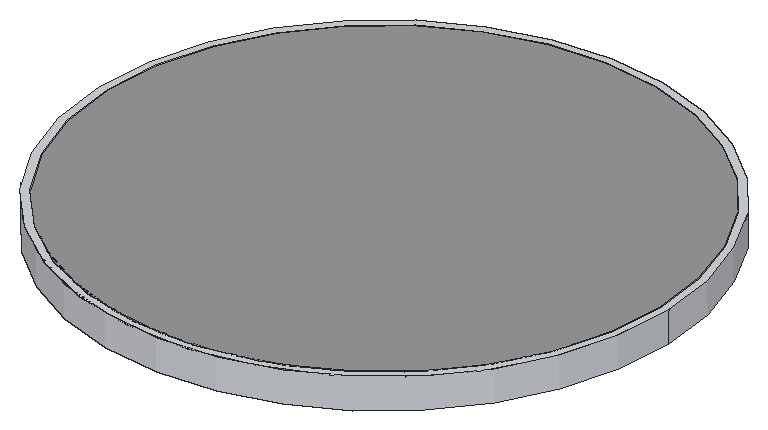
Revit family "2071288", category Lighting Fixtures, host Face, Revit 2018
Family settings
  Host = Face
  Round Connector Dimension = Use Diameter
  Part Type = Junction Box
  OmniClass Number = 23.80.70.00
  OmniClass Title = Lighting
  Cut with Voids When Loaded = No
  Light Source = Yes
  Shared = No
  Room Calculation Point = No
Parameters (values of type "2071288 COLOSSAL 1200 830 PR DIR WHT SSC")
  iner diameter = 1168 mm
  Weight = "n/a"
  Wattage Comments = ""
  Wattage = 30 W
  WarrantyStartDate [instance] = "n/a"
  WarrantyGuarantorParts = "n/a"
  WarrantyDurationUnit = "n/a"
  WarrantyDurationParts = ""
  WarrantyDescription = "http://www.sylvania-lighting.com"
  built-in parameter 1150110 = 1 (stored number, unit not read)
  Voltage = 230 V
  URL = "0.95"
  TypeName = "COLOSSAL 1200mm 830 PRISM DIR WHITE SSC"
  Type Image = <None>
  Type Comments = "n/a"
  built-in parameter 1114217 = 1 (stored number, unit not read)
  Tilt Angle = -90.00°
  built-in parameter 1150109 = 1 (stored number, unit not read)
  built-in parameter 1150134 = (empty or 0)
  built-in parameter 1150113 = 1 (stored number, unit not read)
  SerialNumber [instance] = "n/a"
  Photometric Web File = "2071288.ies"
  Material_3_SYL = LED-Sylvania
  PowerFactor = 0
  PowerConsumption = "Lighting"
  NominalLength = 1168 mm
  NominalHeight = 93 mm
  NominalDepth = 1168 mm
  Name = "COLOSSAL 1200mm 830 PRISM DIR WHITE SSC"
  ModelReference = Name  # "COLOSSAL 1200mm 830 PRISM DIR WHITE SSC"
  ModelNumber = "2071288"
  Model = Name  # "COLOSSAL 1200mm 830 PRISM DIR WHITE SSC"
  Material = "Feilo Sylvania"
  ManufacturerName = "134 lm/W"
  Manufacturer = ""
  LuminousEfficacy = ""
  built-in parameter 1150105 = 270.44 (stored number, unit not read)
  Lumens = 3398.4 lm
  LuminaireType = "0"
  built-in parameter 1150115 = 1 (stored number, unit not read)
  LightOutputRatio = "LED"
  built-in parameter 1150137 = (empty or 0)
  built-in parameter 1150139 = (empty or 0)
  LampsType = Lamp  # "n/a"
  LampNominalLuminous = "3000 K"
  LampMacAdamStep = "80"
  LampColourTemperature = "LED"
  LampColourRenderingIndex = "16500"
  built-in parameter 1150112 = 1 (stored number, unit not read)
  built-in parameter 1150114 = 1 (stored number, unit not read)
  Lamp = "n/a"
  Keynote = "n/a"
  InstallationDate [instance] = "n/a"
  InputVoltage = "0"
  InputNominalFrequency = "3000"
  built-in parameter 1150132 = (empty or 0)
  built-in parameter 1150102 = (empty or 0)
  built-in parameter 1150107 = 3000 (stored number, unit not read)
  built-in parameter 1150138 = (empty or 0)
  IngressProtection = "IfcLightFixtureType"
  ImpactProtectionIndex = "IfcLightFixtureType"
  built-in parameter 1150106 = 2.7044 (stored number, unit not read)
  IfcExportType = "IfcLightFixtureType"
  IfcExportAs = "Class I"
  Emit from Circle Diameter = 385 mm
  Emit Shape Visible in Rendering = no
  ElectricShockClassification = "134"
  built-in parameter 1150104 = 10.524 (stored number, unit not read)
  DocumentationLiterature = "http://www.sylvania-lighting.com/product/en-int/products/2071288"
  DimmingControlOptions = "n/a"
  Material_2_SYL = Polycarbonate_Sylvania_White
  Dimming Lamp Color Temperature Shift = <None>
  Description = "1200mm diameter circular architectural luminaire, can be surface mounted or suspended. Powder coated aluminium housing (RAL9016) with PMMA prismatic diffuser. Direct light distribution, 15735lm luminuous flux, 117.5W system power, 134lm/W luminiaire efficacy. Sylsmart Standalone enabled. Colour rendering index Ra >80, 3000K Warm White LED, chromaticity tolerance of 3-step MacAdam ellipse. IP40/IP20, IK03. 350mA drive current. UGR≤19. Electrical protection Class1, 220-240V. Reported lifetime 66k hours L90B10."
  Default Elevation = 1219.2 mm
  CreatedOn = "23/03/2022"
  CreatedBy = "@sylvania-lighting.com"
  Cost = 0
  Color Filter = 16777215
  built-in parameter 1114216 [instance] = (empty or 0)
  ClassificationValue = "EF_70_80"
  ClassificationName = "Uniclass2015"
  Material_1_SYL = Polycarbonate_Sylvania_Opal
  BarCode [instance] = "n/a"
  built-in parameter 1114218 = 1 (stored number, unit not read)
  built-in parameter 1150133 = 10 (stored number, unit not read)
  AssetType = "Fixed"
  AssetIdentifier [instance] = "n/a"
  Assembly Code = "D5020200"
  Apparent Load = 117.5 VA
  Material_4_SYL = none
Reference planes
  plane 1 "Center (Front/Back)": y = 0
  plane 2: z = 0
  plane 3 "Center (Left/Right)": x = 0
  plane 4: z = 1.161
  plane 5: z = 16.161
  plane 6: y = 584
  plane 7: y = -584
  plane 8: x = 85
  plane 9: x = -85
  plane 10: through (0, 0, 1219.2) normal (0.5, 0.866, 0)
  plane 11: through (42.5, 73.612, 1219.2) normal (0.5, 0.866, 0)
  plane 12: through (-42.5, -73.612, 1219.2) normal (0.5, 0.866, 0)
  plane 13: through (0, 0, 1219.2) normal (0.5, -0.866, 0)
  plane 14: through (-42.5, 73.612, 1219.2) normal (0.5, -0.866, 0)
  plane 15: through (42.5, -73.612, 1219.2) normal (0.5, -0.866, 0)
  plane 16: z = 93
  plane 17: y = 584
  plane 18: y = -584
  plane 19: y = -429
  plane 20: x = -584
  plane 21: x = 584
Forms (mm)
  Extrusion 1, solid, detail levels medium+fine
    sketch origin (0, 0, 0) x (0.866025, -0.5, 0) y (0.5, 0.866025, 0)
      loop
        circle (-50, 86.603) r 22
    from 0 to 2
  Extrusion 2, solid, detail levels medium+fine
    sketch origin (0, 0, 0) x (0.866025, -0.5, 0) y (0.5, 0.866025, 0)
      loop
        circle (100, 0) r 22
      loop
        circle (-50, -86.603) r 22
    from 0 to 2
  Extrusion 3, solid, detail levels medium+fine
    sketch origin (0, 0, 0) x (1, 0, 0) y (0, 1, 0)
      loop
        circle (0, 0) r 584
    from 30 to 93
  Extrusion 4, void
    sketch origin (0, 0, 0) x (1, 0, 0) y (0, 1, 0)
      loop
        circle (0, 0) r 568
    from 96.588 to 37.292
  Extrusion 5, solid, material "Glass, White, High Luminance", detail levels fine
    sketch origin (0, 0, 0) x (1, 0, 0) y (0, 1, 0)
      loop
        circle (0, 0) r 568
    from 88.022 to 93
  Extrusion 6, solid, detail levels coarse
    sketch origin (0, 0, 0) x (1, 0, 0) y (0, 1, 0)
      loop
        line (-584, 584) -> (-584, -584) -> (584, -584) -> (584, 584) -> (-584, 584)
    from 0 to 93
  Blend 7, solid, detail levels medium+fine
    base sketch origin (-10.814, 11.299, 29.922) x (1, 0, 0) y (0, 1, 0)
      loop
        line (-402.654, -330.622) -> (397.346, -330.622) -> (482.346, -183.398) -> (82.346, 509.423) -> (-87.654, 509.423) -> (-487.654, -183.398) -> (-402.654, -330.622)
    top sketch origin (-10.814, 11.299, 29.922) x (1, 0, 0) y (0, 1, 0)
      loop
        line (-363.391, -306.496) -> (364.632, -306.496) -> (449.632, -159.272) -> (87.132, 468.597) -> (-82.868, 468.597) -> (-445.368, -159.272) -> (-363.391, -306.496)
    from 0 to -30
Cuts and joins
  Extrusion 4 cuts Extrusion 1
  Extrusion 4 cuts Extrusion 2
  Extrusion 4 cuts Extrusion 3
Lines and regions (mm)
  model lines, detail levels medium+fine
    curve 1: circle (0, 0, 0) r 155 normal (0, 0, 1)
  reference lines
    curve 2: circle (0, 0, 0) r 489 normal (0, 0, 1)
    curve 3: circle (0, 0, 0) r 521 normal (0, 0, 1)
    curve 4: line (0, 0, 0) -> (606.218, -350, 0)
    curve 5: line (0, 0, 0) -> (0, 825, 0)
    curve 6: line (0, 0, 0) -> (-623.538, -360, 0)
    curve 7: line (639.013, -270.785, 0) -> (85, 49.075, 0)
    curve 8: line (563.718, -423.612, 0) -> (0, -98.15, 0)
    curve 9: line (85, 49.075, 0) -> (85, 825, 0)
    curve 10: line (-85, 49.075, 0) -> (-85, 825, 0)
    curve 11: line (-85, 49.075, 0) -> (-666.038, -286.388, 0)
    curve 12: line (-581.038, -433.612, 0) -> (0, -98.15, 0)
Dimensions and locks
  plane 4 to level = 1.161 mm
  locked: plane 5 to plane 4 at 15
  "NominalDepth": plane 6 to plane 7
  plane 6 to plane 1 "Center (Front/Back)" to plane 7 = 584 mm, 584 mm
  "NominalHeight": level to plane 16
  equal spacing: plane 17, plane 1 "Center (Front/Back)", plane 18
  "NominalLength": plane 20 to plane 21
  equal spacing: plane 20, plane 3 "Center (Left/Right)", plane 21
  aligned and locked: plane 2 to host face
  aligned and locked: level to host face
  aligned and locked: plane 6 to Extrusion 6
Automatic sketch dimensions
  host sketch curve to host sketch curve = 2438.4 mm  (x2)
  Extrusion 1 sketch curve to plane 3 "Center (Left/Right)" = 0 mm
  Extrusion 1 sketch curve to plane 1 "Center (Front/Back)" = 100 mm
  plane 1 "Center (Front/Back)" to Extrusion 2 sketch curve = 50 mm
  Extrusion 2 sketch curve to plane 3 "Center (Left/Right)" = 86.603 mm
  Extrusion 2 sketch curve to Extrusion 2 sketch curve = 150 mm
  Extrusion 2 sketch curve to Extrusion 2 sketch curve = 86.603 mm
  plane 1 "Center (Front/Back)" to curve 1 = 0 mm
  curve 1 to plane 3 "Center (Left/Right)" = 0 mm
  plane 1 "Center (Front/Back)" to Extrusion 3 sketch curve = 0 mm
  Extrusion 3 sketch curve to plane 3 "Center (Left/Right)" = 0 mm
  plane 1 "Center (Front/Back)" to Extrusion 4 sketch curve = 0 mm
  Extrusion 4 sketch curve to plane 3 "Center (Left/Right)" = 0 mm
  plane 1 "Center (Front/Back)" to Extrusion 5 sketch curve = 0 mm
  Extrusion 5 sketch curve to plane 3 "Center (Left/Right)" = 0 mm
  curve 2 to curve 3 = 0 mm  (x2)
  curve 11 to plane 14 = 0 mm
  curve 6 to plane 13 = 0 mm
  curve 12 to plane 15 = 0 mm
  curve 10 to plane 9 = 0 mm
  curve 12 to plane 3 "Center (Left/Right)" = 0 mm
  plane 1 "Center (Front/Back)" to curve 3 = 0 mm
  curve 3 to plane 3 "Center (Left/Right)" = 0 mm
  curve 7 to plane 8 = 0 mm
  curve 11 to plane 10 = 0 mm
  curve 12 to plane 19 = 4.612 mm
  plane 19 to curve 6 = 69 mm
  plane 19 to curve 11 = 142.612 mm
  plane 19 to curve 8 = 5.388 mm
  plane 19 to curve 4 = 79 mm
  plane 19 to curve 7 = 158.215 mm
  plane 6 to curve 5 = 241 mm
  curve 10 to curve 5 = 0 mm
  curve 5 to curve 9 = 0 mm
  plane 1 "Center (Front/Back)" to curve 6 = 0 mm
  curve 6 to plane 3 "Center (Left/Right)" = 0 mm
  Extrusion 6 sketch curve to plane 7 = 0 mm
  Extrusion 6 sketch curve to plane 6 = 0 mm
  Blend 7 sketch curve to plane 6 = 756.098 mm  (x2)
  Blend 7 sketch curve to Blend 7 sketch curve = 85 mm
  plane 3 "Center (Left/Right)" to Blend 7 sketch curve = 386.532 mm
  plane 8 to Blend 7 sketch curve = 386.532 mm
  Blend 7 sketch curve to plane 6 = 63.278 mm
  Blend 7 sketch curve to plane 6 = 731.972 mm  (x2)
  Blend 7 sketch curve to Blend 7 sketch curve = 81.977 mm
  plane 3 "Center (Left/Right)" to Blend 7 sketch curve = 353.818 mm
  plane 8 to Blend 7 sketch curve = 353.818 mm
  Blend 7 sketch curve to plane 6 = 104.104 mm
  plane 12 to curve 8 = 0 mm
  plane 19 to Blend 7 sketch curve = 109.677 mm
  plane 19 to Blend 7 sketch curve = 133.803 mm
  plane 8 to Extrusion 6 sketch curve = 499 mm
  Extrusion 6 sketch curve to plane 9 = 499 mm
  Blend 7 sketch curve to plane 8 = 13.468 mm
  Blend 7 sketch curve to plane 9 = 13.468 mm
  Blend 7 sketch curve to plane 9 = 328.468 mm
  Blend 7 sketch curve to plane 8 = 8.682 mm
  Blend 7 sketch curve to plane 9 = 8.682 mm
  Blend 7 sketch curve to plane 9 = 289.205 mm
  plane 10 to curve 4 = 0 mm
  plane 11 to curve 7 = 0 mm
  curve 12 to plane 12 = 0 mm
  curve 9 to plane 11 = 0 mm
  radius of Extrusion 1 sketch curve = 22 mm
  radius of Extrusion 2 sketch curve = 22 mm  (x2)
  radius of curve 1 = 155 mm
  radius of Extrusion 3 sketch curve = 584 mm
  radius of Extrusion 4 sketch curve = 568 mm
  radius of Extrusion 5 sketch curve = 568 mm
  radius of curve 2 = 489 mm
  radius of curve 3 = 521 mm
Connectors
  electrical at (0, 0, 30)
    settings: on cut or joined group of Extrusion 3, Extrusion 4, index 1, voltage 0 V, apparent load 0 VA, apparent load phase1 0 VA, apparent load phase2 0 VA, apparent load phase3 0 VA, power factor 1, load classification "Other", number of poles 1, system type 31, power factor state 1, is connector primary yes, connector utility no, sub classification motor no, connector description ""
